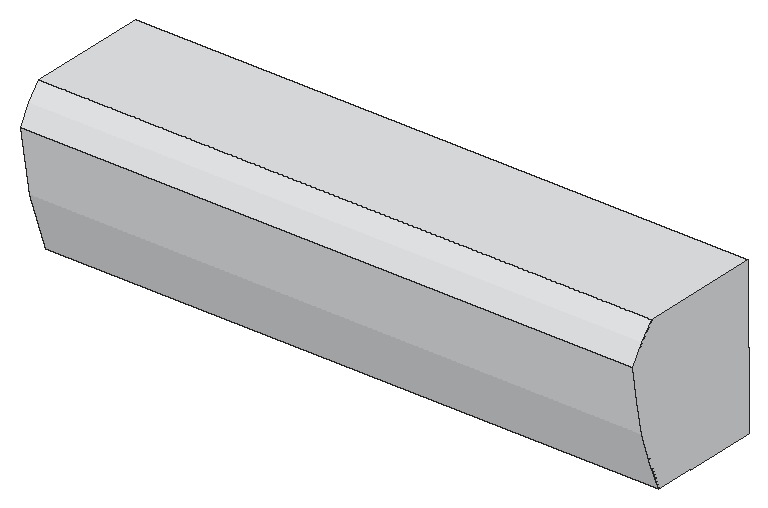
Revit family "DACN0004_revit", category Generic Models, Revit 2017
Family settings
  Can host rebar = No
  Round Connector Dimension = Use Diameter
  Part Type = Normal
  Work Plane-Based = No
  Always vertical = Yes
  Cut with Voids When Loaded = No
  Shared = No
  Room Calculation Point = No
Parameters
  Website = "https://dolphy.in/"  # constant formula
  M&L = Dolphy_CHROME
  Contact number = "+91 9520202035"  # constant formula
  Contact email = "info@dolphy.in"  # constant formula
  Company Name = "Dolphy India"  # constant formula
Reference planes
  plane 1 "Center (Front/Back)": y = 0
  plane 2: z = 0
  plane 3 "Center (Left/Right)": x = 0
Forms (mm)
  Extrusion 1, solid, material "Dolphy_CHROME" <- "M&L"
    sketch origin (450, -183.555, 201.25) x (0, 0, 1) y (0, -1, 0)
      loop
        line (-199.375, -18.391) -> (-199.375, -183.556) -> (28.75, -183.556) -> (28.75, -5.689)
        spline (28.75, -5.689) -> (25.323, -2.363) -> (21.78, 0.875) -> (18.122, 4.025) -> (14.349, 7.088) -> (10.46, 10.064) -> (6.455, 12.952) -> (2.335, 15.753) -> (-1.901, 18.467) -> (-6.253, 21.093) -> (-10.72, 23.631) -> (-15.302, 26.082) -> (-20, 28.446)
        spline (-20, 28.446) -> (-35.68, 26.817) -> (-51.562, 24.67) -> (-67.547, 22.037) -> (-83.534, 18.948) -> (-99.421, 15.436) -> (-115.107, 11.531) -> (-130.493, 7.265) -> (-145.477, 2.669) -> (-159.957, -2.226) -> (-173.835, -7.389) -> (-187.008, -12.787) -> (-199.375, -18.391)
    from -900 to 0
  Extrusion 2, void
    sketch origin (-450, -174.999, 1.875) x (1, 0, 0) y (0, -1, 0)
      loop
        line (23.894, -85.86) -> (23.894, -160.86) -> (876.394, -160.86) -> (876.394, -85.86) -> (23.894, -85.86)
    from -24.876 to 14.068
  Extrusion 3, solid, material "Dolphy_CHROME" <- "M&L"
    sketch origin (-426.106, -89.139, 1.875) x (0, 1, 0) y (0, 0, 1)
      loop
        line (37.5, 24.876) -> (37.5, 4.55) -> (38.335, 4.55) -> (38.335, 24.876) -> (37.5, 24.876)
    from 0 to 852.5
  Extrusion 4, solid, material "Dolphy_CHROME" <- "M&L"
    sketch origin (-278.079, -199.251, 1.875) x (1, 0, 0) y (0, -1, 0)
      loop
        line (253.079, -47.082) -> (253.079, -75.832) -> (303.079, -75.832) -> (303.079, -47.082) -> (253.079, -47.082)
    from 0 to 0.788
  Extrusion 5, solid, material "Dolphy_CHROME" <- "M&L"
    sketch origin (-278.079, -199.251, 1.087) x (0, 1, 0) y (1, 0, 0)
      loop
        line (50.038, 257.646) -> (72.678, 257.646) -> (72.678, 297.646) -> (50.038, 297.646) -> (50.038, 257.646)
    from 0 to 4
  Extrusion 6, void
    sketch origin (-20.433, -149.214, 1.087) x (1, 0, 0) y (0, 0, 1)
      loop
        spline (0, -4) -> (-0.71, -4.37) -> (-0.593, -4.425) -> (-0.216, -4.469) -> (0.572, -4.504) -> (1.924, -4.532) -> (3.993, -4.553) -> (6.931, -4.567) -> (10.891, -4.577) -> (16.025, -4.583) -> (22.486, -4.587) -> (30.427, -4.588) -> (40, -4.588)
        line (40, -4.588) -> (40, -1.203) -> (0, -4)
    from -24.039 to 0.891
  Extrusion 7, solid, material "Dolphy_CHROME" <- "M&L"
    sketch origin (-450, -174.999, 1.875) x (1, 0, 0) y (0, -1, 0)
      loop
        line (0, -69) -> (0, -175) -> (900, -175) -> (900, -69) -> (0, -69)
    from 0 to 0.8
  Extrusion 8, solid, material "Dolphy_CHROME"
    sketch origin (0, 0, 0) x (0, 1, 0) y (0, 0, 1)
      loop
        line (-89.139, 1.075) -> (-14.002, 1.075) -> (-14.002, 21.075) -> (-45.239, 21.075) -> (-45.239, 12.218)
        arc (-45.239, 12.218) -> (-47.601, 7.153) -> (-52.999, 5.707) r 6.612
        arc (-52.999, 5.707) -> (-58.397, 7.153) -> (-60.758, 12.218) r 6.612
        line (-60.758, 12.218) -> (-60.758, 21.075) -> (-89.139, 21.075) -> (-89.139, 1.075)
    from -251.149 to -250.149
  Extrusion 9, solid, material "Dolphy_CHROME" <- "M&L"
    sketch origin (-391, 0.136, 0) x (0, 1, 0) y (0, 0, 1)
      loop
        line (-89.139, 1.075) -> (-14.002, 1.075) -> (-14.002, 21.075) -> (-45.239, 21.075) -> (-45.239, 12.218)
        arc (-45.239, 12.218) -> (-47.601, 7.153) -> (-52.999, 5.707) r 6.612
        arc (-52.999, 5.707) -> (-58.397, 7.153) -> (-60.758, 12.218) r 6.612
        line (-60.758, 12.218) -> (-60.758, 26.751) -> (-89.139, 26.751) -> (-89.139, 1.075)
    from 0 to 1
  Extrusion 10, solid, material "Dolphy_CHROME" <- "M&L"
    sketch origin (390, 0, 0) x (0, 1, 0) y (0, 0, 1)
      loop
        line (-89.139, 1.075) -> (-14.002, 1.075) -> (-14.002, 21.075) -> (-45.239, 21.075) -> (-45.239, 12.218)
        arc (-45.239, 12.218) -> (-47.601, 7.153) -> (-52.999, 5.707) r 6.612
        arc (-52.999, 5.707) -> (-58.397, 7.153) -> (-60.758, 12.218) r 6.612
        line (-60.758, 12.218) -> (-60.758, 26.751) -> (-89.139, 26.751) -> (-89.139, 1.075)
    from 0 to 1
  Extrusion 11, solid, material "Dolphy_CHROME"
    sketch origin (50, 0, 0) x (0, 1, 0) y (0, 0, 1)
      loop
        line (-89.139, 1.075) -> (-14.002, 1.075) -> (-14.002, 21.075) -> (-45.239, 21.075) -> (-45.239, 12.218)
        arc (-45.239, 12.218) -> (-47.601, 7.153) -> (-52.999, 5.707) r 6.612
        arc (-52.999, 5.707) -> (-58.397, 7.153) -> (-60.758, 12.218) r 6.612
        line (-60.758, 12.218) -> (-60.758, 21.075) -> (-89.139, 21.075) -> (-89.139, 1.075)
    from -251.149 to -250.149
  Extrusion 12, solid, material "Dolphy_CHROME"
    sketch origin (100, 0, 0) x (0, 1, 0) y (0, 0, 1)
      loop
        line (-89.139, 1.075) -> (-14.002, 1.075) -> (-14.002, 21.075) -> (-45.239, 21.075) -> (-45.239, 12.218)
        arc (-45.239, 12.218) -> (-47.601, 7.153) -> (-52.999, 5.707) r 6.612
        arc (-52.999, 5.707) -> (-58.397, 7.153) -> (-60.758, 12.218) r 6.612
        line (-60.758, 12.218) -> (-60.758, 21.075) -> (-89.139, 21.075) -> (-89.139, 1.075)
    from -251.149 to -250.149
  Extrusion 13, solid, material "Dolphy_CHROME"
    sketch origin (0, -14.002, 1.075) x (-1, 0, 0) y (0, 1, 0)
      loop
        line (150.149, 0) -> (150.149, -75.136) -> (251.149, -75.136) -> (251.149, 0) -> (150.149, 0)
    from -25.676 to -19
  Extrusion 14, solid, material "Dolphy_CHROME" <- "M&L"
    sketch origin (0, 0, 0) x (0, 1, 0) y (0, 0, -1)
      loop
        line (-89.139, -1.075) -> (-89.139, -21.075) -> (-60.758, -21.075) -> (-60.758, -12.218)
        arc (-60.758, -12.218) -> (-58.397, -7.153) -> (-52.999, -5.707) r 6.612
        arc (-52.999, -5.707) -> (-47.601, -7.153) -> (-45.239, -12.218) r 6.612
        line (-45.239, -12.218) -> (-45.239, -21.075) -> (-14.002, -21.075) -> (-14.002, -1.075) -> (-89.139, -1.075)
    from -251.149 to -250.149
  Extrusion 15, solid, material "Dolphy_CHROME" <- "M&L"
    sketch origin (-50, 0, 0) x (0, 1, 0) y (0, 0, -1)
      loop
        line (-89.139, -1.075) -> (-89.139, -21.075) -> (-60.758, -21.075) -> (-60.758, -12.218)
        arc (-60.758, -12.218) -> (-58.397, -7.153) -> (-52.999, -5.707) r 6.612
        arc (-52.999, -5.707) -> (-47.601, -7.153) -> (-45.239, -12.218) r 6.612
        line (-45.239, -12.218) -> (-45.239, -21.075) -> (-14.002, -21.075) -> (-14.002, -1.075) -> (-89.139, -1.075)
    from -251.149 to -250.149
  Extrusion 16, solid, material "Dolphy_CHROME" <- "M&L"
    sketch origin (-100, 0, 0) x (0, 1, 0) y (0, 0, -1)
      loop
        line (-89.139, -1.075) -> (-89.139, -21.075) -> (-60.758, -21.075) -> (-60.758, -12.218)
        arc (-60.758, -12.218) -> (-58.397, -7.153) -> (-52.999, -5.707) r 6.612
        arc (-52.999, -5.707) -> (-47.601, -7.153) -> (-45.239, -12.218) r 6.612
        line (-45.239, -12.218) -> (-45.239, -21.075) -> (-14.002, -21.075) -> (-14.002, -1.075) -> (-89.139, -1.075)
    from -251.149 to -250.149
  Extrusion 17, solid, material "Dolphy_CHROME"
    sketch origin (0, -14.002, 1.075) x (-1, 0, 0) y (0, 1, 0)
      loop
        line (-150.149, 0) -> (-251.149, 0) -> (-251.149, -75.136) -> (-150.149, -75.136) -> (-150.149, 0)
    from -25.676 to -19
Cuts and joins
  Extrusion 2 cuts Extrusion 1
  Extrusion 6 cuts Extrusion 5
  Extrusion 2 cuts Extrusion 7
  joined: Extrusion 1, Extrusion 4, Extrusion 5, Extrusion 7, Extrusion 9, Extrusion 10, Extrusion 14, Extrusion 15, Extrusion 16
  joined: Extrusion 8, Extrusion 11, Extrusion 12, Extrusion 13
Dimensions and locks
  cut or joined group 1 (Extrusion 1, Extrusion 2, Extrusion 4, Extrusion 5, Extrusion 6, Extrusion 7, Extrusion 9, Extrusion 10, Extrusion 14, Extrusion 15, Extrusion 16) to level = 230 mm
  cut or joined group 1 to cut or joined group 1 = 212.002 mm
  cut or joined group 1 to cut or joined group 1 = 900 mm
  aligned and locked: level to plane 2
